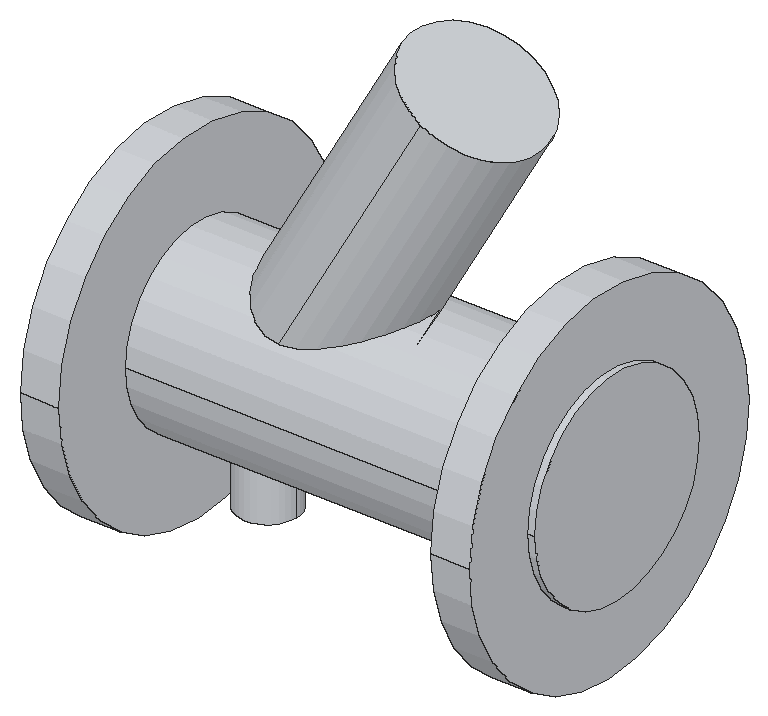
Revit family "HS 821-síto_jemné-PN40-DN040-RFA_2018", category Pipe Accessories, Revit 2018
Family settings
  Round Connector Dimension = Use Diameter
  Part Type = Breaks Into
  Work Plane-Based = No
  Always vertical = Yes
  Cut with Voids When Loaded = No
  Shared = No
Parameters (values of type "821F-DN040-PN40-síto_jemné")
  magiProductId = "b8903f952089408fbf3a5a632bab1f"
  magiProductFamilyId = "79214ac3aaa945e397802f559f5c1e"
  magiPartTypeId = 307
  isMeasuringValve [instance] = no
  ang2D [instance] = 0.00°
  ZB__ve = -ZB  # -24.5 mm
  ZB1 = 35.64 mm
  ZB = 24.5 mm
  X2 = 75.777 mm
  X1 = 28 mm
  W2D = 15 mm
  VersionID = "2.0/2017.9.26.1/ZETKAMA_821_001"
  Use Minimum Symbol Size [instance] = yes
  URL = "www.hydronic.cz"
  Type Comments = "Filtr přírubový; síto jemné; A-PN16 (-10~300°C); D-PN25 (-10~350°C); F-PN40 (-10~400°C)"
  S = 88 mm
  QmdConnectorList = "301;D;302;D"
  Productdata [instance] = ""
  Manufacturer = "Hydronic Systems Prague s.r.o."
  MC Product Code = "250 640 (821F; DN040; PN40; kvs36,6; oko síta 0,63mm)"
  LM1 = 16 mm
  LM = 160 mm
  L4 = 50 mm
  L2D_Min = 3048 mm
  L2D = 130 mm
  L2 = 100 mm
  HH2 = 131.25 mm
  FD = 150 mm
  Description = "Filtr přírubový; síto jemné; 821A-PN16; 821D-PN25; 821F-PN40"
  DM1 = 60 mm
  DM = 79.2 mm
  D = 40 mm
  CC = 3.4 mm
  CAT0 = yes
  C1 = 16.6 mm
  C = 20 mm
  BD = 24.948 mm
Types (40, lengths in mm): name | magiProductId | ZB__ve | ZB1 | ZB | X2 | X1 | S | MC Product Code | LM1 | LM | L4 | L2 | HH2 | FD | DM1 | DM | D | CC | C1 | C | BD
  821A-DN015-PN16-síto_jemné | "a71bcfe8b393460598b23e8ddf7dc5" | -16.25 | 18.63 | 16.25 | 46.982 | 18.2 | 46 | "210 115 (821A; DN015; PN16; kvs6,2; oko síta 0,63mm)" | 10.4 | 104 | 32.5 | 65 | 81.375 | 95 | 27.6 | 41.4 | 15 | 2.21 | 10.79 | 13 | 13.041
  821A-DN020-PN16-síto_jemné | "41cd6c7a12924f4991217528336076" | -17.75 | 22.68 | 17.75 | 51.673 | 21 | 56 | "210 120 (821A; DN020; PN16; kvs9,6; oko síta 0,63mm)" | 12 | 120 | 37.5 | 75 | 89.5 | 105 | 33.6 | 50.4 | 20 | 2.55 | 12.45 | 15 | 15.876
  821A-DN025-PN16-síto_jemné | "be378b463ed14c3abf4c9b3ae8cf3a" | -19.25 | 26.325 | 19.25 | 58.601 | 22.4 | 65 | "210 125 (821A; DN025; PN16; kvs14,2; oko síta 0,63mm)" | 12.8 | 128 | 40 | 80 | 101.5 | 115 | 43.2 | 58.5 | 25 | 2.72 | 13.28 | 16 | 18.427
  821A-DN032-PN16-síto_jemné | "227a0d18b21540afabe8b6067d35fa" | -23 | 30.78 | 23 | 68.849 | 25.2 | 76 | "210 132 (821A; DN032; PN16; kvs23,1; oko síta 0,63mm)" | 14.4 | 144 | 45 | 90 | 119.25 | 140 | 50.4 | 68.4 | 32 | 3.06 | 14.94 | 18 | 21.546
  821A-DN040-PN16-síto_jemné | "d106917c74724141a10440112d0102" | -24.5 | 34.02 | 24.5 | 75.777 | 28 | 84 | "210 140 (821A; DN040; PN16; kvs36,6; oko síta 0,63mm)" | 16 | 160 | 50 | 100 | 131.25 | 150 | 60 | 75.6 | 40 | 3.4 | 16.6 | 20 | 23.814
  821A-DN050-PN16-síto_jemné | "8255d456a09e4f6486734f5dd9171b" | -26.75 | 40.095 | 26.75 | 79.061 | 32.2 | 99 | "210 150 (821A; DN050 PN16; kvs53,7; oko síta 0,63mm)" | 18.4 | 184 | 57.5 | 115 | 136.938 | 165 | 73.8 | 89.1 | 50 | 3.91 | 19.09 | 23 | 28.066
  821A-DN065-PN16-síto_jemné | "235b1b3e4c0843779a4d5e3716d40a" | -29.75 | 47.79 | 29.75 | 86.927 | 40.6 | 118 | "210 165 (821A; DN065; PN16; kvs95,1; oko síta 0,63mm)" | 23.2 | 232 | 72.5 | 145 | 150.562 | 185 | 94.2 | 106.2 | 65 | 4.93 | 24.07 | 29 | 33.453
  821A-DN080-PN16-síto_jemné | "a067f7c5236348ed8c820d16df7214" | -32 | 53.46 | 32 | 104.753 | 43.4 | 132 | "210 180 (821A; DN080; PN16; kvs137,1; oko síta 0,63mm)" | 24.8 | 248 | 77.5 | 155 | 181.438 | 200 | 107.4 | 118.8 | 80 | 5.27 | 25.73 | 31 | 37.422
  821A-DN100-PN16-síto_jemné | "c49a648c2747461285837d643703cd" | -35 | 63.18 | 35 | 114.857 | 49 | 156 | "210 190 (821A; DN100; PN16; kvs206,4; oko síta 0,63mm)" | 28 | 280 | 87.5 | 175 | 198.937 | 220 | 131.4 | 140.4 | 100 | 5.95 | 29.05 | 35 | 44.226
  821A-DN125-PN16-síto_jemné | "bf68e728a163493cbd2a663b26ebdc" | -39.5 | 74.52 | 39.5 | 131.888 | 56 | 184 | "210 191 (821A; DN125; PN16; kvs268,8; oko síta 0,63mm)" | 32 | 320 | 100 | 200 | 228.438 | 250 | 165 | 165.6 | 125 | 6.8 | 33.2 | 40 | 52.164
  821A-DN150-PN16-síto_jemné | "2de770284b654863ae6bc865769dc5" | -44.75 | 85.455 | 44.75 | 155.885 | 67.2 | 211 | "210 192 (821A; DN150; PN16; kvs401,4; oko síta 0,63mm)" | 38.4 | 384 | 120 | 240 | 270 | 285 | 192 | 189.9 | 150 | 8.16 | 39.84 | 48 | 59.818
  821A-DN200-PN16-síto_jemné | "8e5693371ab64aabb29a7f08c76e15" | -53 | 107.73 | 53 | 188.361 | 84 | 266 | "210 193 (821A; DN200; PN16; kvs706,7; oko síta 0,63mm)" | 48 | 480 | 150 | 300 | 326.25 | 340 | 252 | 239.4 | 200 | 10.2 | 49.8 | 60 | 75.411
  821A-DN250-PN16-síto_jemné | "05e37ed948c34047acdd4c42556504" | -62.75 | 129.195 | 62.75 | 255.911 | 102.2 | 319 | "210 194 (821A; DN250; PN16; kvs1229,4; oko síta 0,63mm)" | 58.4 | 584 | 182.5 | 365 | 443.25 | 405 | 309.6 | 287.1 | 250 | 12.41 | 60.59 | 73 | 90.436
  821A-DN300-PN16-síto_jemné | "9ad0af747269428da925480d83ce80" | -71 | 149.85 | 71 | 325.914 | 119 | 370 | "210 195 (821A; DN300; PN16; kvs1902,4; oko síta 0,63mm)" | 68 | 680 | 212.5 | 425 | 564.5 | 460 | 369.6 | 333 | 300 | 14.45 | 70.55 | 85 | 104.895
  821A-DN350-PN16-síto_jemné | "eebc71459bb3451bb4355e7951370a" | -80 | 173.745 | 80 | 356.875 | 137.2 | 429 | "200 196 (821A; DN350; PN16; kvs2611,0; oko síta 0,63mm)" | 78.4 | 784 | 245 | 490 | 618.125 | 520 | 438 | 386.1 | 350 | 16.66 | 81.34 | 98 | 121.621
  821A-DN400-PN16-síto_jemné | "d2f677cb196647e385b2590e7d8abe" | -89 | 194.4 | 89 | 392.237 | 154 | 480 | "210 197 (821A; DN400; PN16; kvs3438,4; oko síta 0,63mm)" | 88 | 880 | 275 | 550 | 679.375 | 580 | 498 | 432 | 400 | 18.7 | 91.3 | 110 | 136.08
  821D-DN015-PN25-síto_jemné | "27ddcbf555414f8ca1fde329bf9087" | -16.25 | 18.63 | 16.25 | 46.982 | 18.2 | 46 | "210 215 (821D; DN015; PN25; kvs6,2; oko síta 0,63mm)" | 10.4 | 104 | 32.5 | 65 | 81.375 | 95 | 27.6 | 41.4 | 15 | 2.21 | 10.79 | 13 | 13.041
  821D-DN020-PN25-síto_jemné | "270e0f14012f47189cd0235c18faee" | -17.75 | 22.68 | 17.75 | 51.673 | 21 | 56 | "210 220 (821D; DN020; PN25; kvs9,6; oko síta 0,63mm)" | 12 | 120 | 37.5 | 75 | 89.5 | 105 | 33.6 | 50.4 | 20 | 2.55 | 12.45 | 15 | 15.876
  821D-DN025-PN25-síto_jemné | "b9a7fb4aa36643878c637d8e1ab992" | -19.25 | 26.325 | 19.25 | 58.601 | 22.4 | 65 | "210 225 (821D; DN025; PN25; kvs14,2; oko síta 0,63mm)" | 12.8 | 128 | 40 | 80 | 101.5 | 115 | 43.2 | 58.5 | 25 | 2.72 | 13.28 | 16 | 18.427
  821D-DN032-PN25-síto_jemné | "6be9a55c4e68400f94eec7e804204c" | -23 | 30.78 | 23 | 68.849 | 25.2 | 76 | "210 232 (821D; DN032; PN25; kvs23,1; oko síta 0,63mm)" | 14.4 | 144 | 45 | 90 | 119.25 | 140 | 50.4 | 68.4 | 32 | 3.06 | 14.94 | 18 | 21.546
  821D-DN040-PN25-síto_jemné | "c54511bd7f584ec2984291479612cb" | -24.5 | 34.02 | 24.5 | 75.777 | 28 | 84 | "210 240 (821D; DN040; PN25; kvs36,6; oko síta 0,63mm)" | 16 | 160 | 50 | 100 | 131.25 | 150 | 60 | 75.6 | 40 | 3.4 | 16.6 | 20 | 23.814
  821D-DN050-PN25-síto_jemné | "5483b1f596b04cd39b23a14a22c90e" | -26.75 | 40.095 | 26.75 | 79.061 | 32.2 | 99 | "210 250 (821D; DN050; PN25; kvs53,7; oko síta 0,63mm)" | 18.4 | 184 | 57.5 | 115 | 136.938 | 165 | 73.8 | 89.1 | 50 | 3.91 | 19.09 | 23 | 28.066
  821D-DN065-PN25-síto_jemné | "767b0f8318e94750bc7a9930ed5b30" | -29.75 | 47.79 | 29.75 | 86.927 | 40.6 | 118 | "210 265 (821D; DN065; PN25; kvs95,1; oko síta 0,63mm)" | 23.2 | 232 | 72.5 | 145 | 150.562 | 185 | 94.2 | 106.2 | 65 | 4.93 | 24.07 | 29 | 33.453
  821D-DN080-PN25-síto_jemné | "e21040fa3cc2404b858198f6b73709" | -32 | 53.46 | 32 | 104.753 | 43.4 | 132 | "210 280 (821D; DN080; PN25; kvs137,1; oko síta 0,63mm)" | 24.8 | 248 | 77.5 | 155 | 181.438 | 200 | 107.4 | 118.8 | 80 | 5.27 | 25.73 | 31 | 37.422
  821D-DN100-PN25-síto_jemné | "175ca87a506b40b3bc6b82f12f33cf" | -37.25 | 63.18 | 37.25 | 114.857 | 49 | 156 | "210 290 (821D; DN100; PN25; kvs206,4; oko síta 0,63mm)" | 28 | 280 | 87.5 | 175 | 198.937 | 235 | 131.4 | 140.4 | 100 | 5.95 | 29.05 | 35 | 44.226
  821D-DN125-PN25-síto_jemné | "77cc98d60da24855999a22dff726b2" | -42.5 | 74.52 | 42.5 | 131.888 | 56 | 184 | "210 291 (821D; DN125; PN25; kvs268,8; oko síta 0,63mm)" | 32 | 320 | 100 | 200 | 228.438 | 270 | 165 | 165.6 | 125 | 6.8 | 33.2 | 40 | 52.164
  821D-DN150-PN25-síto_jemné | "9cf8acfcd15547d68e83172d3abcbe" | -47 | 85.455 | 47 | 155.885 | 67.2 | 211 | "210 292 (821D; DN150; PN25; kvs401,4; oko síta 0,63mm)" | 38.4 | 384 | 120 | 240 | 270 | 300 | 192 | 189.9 | 150 | 8.16 | 39.84 | 48 | 59.818
  821D-DN200-PN25-síto_jemné | "16973f3c9ea14389ba8602495a6b64" | -56 | 110.97 | 56 | 188.361 | 84 | 274 | "210 293 (821D; DN200; PN25; kvs706,7; oko síta 0,63mm)" | 48 | 480 | 150 | 300 | 326.25 | 360 | 252 | 246.6 | 200 | 10.2 | 49.8 | 60 | 77.679
  821F-DN015-PN40-síto_jemné | "4c7eaf3c4c0340888b3e684d8a8616" | -16.25 | 18.225 | 16.25 | 46.982 | 18.2 | 45 | "250 615 (821F; DN015; PN40; kvs6,2; oko síta 0,63mm)" | 10.4 | 104 | 32.5 | 65 | 81.375 | 95 | 27.6 | 40.5 | 15 | 2.21 | 10.79 | 13 | 12.757
  821F-DN020-PN40-síto_jemné | "aaac5f1ec96b44d6ba96ac2293d66d" | -17.75 | 23.49 | 17.75 | 51.673 | 21 | 58 | "250 620 (821F; DN020; PN40; kvs9,6; oko síta 0,63mm)" | 12 | 120 | 37.5 | 75 | 89.5 | 105 | 33.6 | 52.2 | 20 | 2.55 | 12.45 | 15 | 16.443
  821F-DN025-PN40-síto_jemné | "504768023968471481789485b54c7e" | -19.25 | 27.54 | 19.25 | 58.601 | 22.4 | 68 | "250 625 (821F; DN025; PN40; kvs14,2; oko síta 0,63mm)" | 12.8 | 128 | 40 | 80 | 101.5 | 115 | 43.2 | 61.2 | 25 | 2.72 | 13.28 | 16 | 19.278
  821F-DN032-PN40-síto_jemné | "165e7f39cf744f329bdf1c400dad12" | -23 | 31.59 | 23 | 68.849 | 25.2 | 78 | "250 632 (821F; DN032; PN40; kvs23,1; oko síta 0,63mm)" | 14.4 | 144 | 45 | 90 | 119.25 | 140 | 50.4 | 70.2 | 32 | 3.06 | 14.94 | 18 | 22.113
  821F-DN040-PN40-síto_jemné | "b8903f952089408fbf3a5a632bab1f" | -24.5 | 35.64 | 24.5 | 75.777 | 28 | 88 | "250 640 (821F; DN040; PN40; kvs36,6; oko síta 0,63mm)" | 16 | 160 | 50 | 100 | 131.25 | 150 | 60 | 79.2 | 40 | 3.4 | 16.6 | 20 | 24.948
  821F-DN050-PN40-síto_jemné | "c451f97266fe48da8f879cb6a2bd44" | -26.75 | 41.31 | 26.75 | 79.061 | 32.2 | 102 | "250 650 (821F; DN050; PN40; kvs53,7; oko síta 0,63mm)" | 18.4 | 184 | 57.5 | 115 | 136.938 | 165 | 73.8 | 91.8 | 50 | 3.91 | 19.09 | 23 | 28.917
  821F-DN065-PN40-síto_jemné | "dc9821e3f9b34e128f6a8c6b34c198" | -29.75 | 49.41 | 29.75 | 86.927 | 40.6 | 122 | "250 665 (821F; DN065; PN40; kvs95,1; oko síta 0,63mm)" | 23.2 | 232 | 72.5 | 145 | 150.562 | 185 | 94.2 | 109.8 | 65 | 4.93 | 24.07 | 29 | 34.587
  821F-DN080-PN40-síto_jemné | "689aa1e260f84cf4994f027a1d86b5" | -32 | 55.89 | 32 | 104.753 | 43.4 | 138 | "250 680 (821F; DN080; PN40; kvs137,1; oko síta 0,63mm)" | 24.8 | 248 | 77.5 | 155 | 181.438 | 200 | 107.4 | 124.2 | 80 | 5.27 | 25.73 | 31 | 39.123
  821F-DN100-PN40-síto_jemné | "8a45d4e8e2ab425f8c432f21d684f3" | -37.25 | 65.61 | 37.25 | 114.857 | 49 | 162 | "250 690 (821F; DN100; PN40; kvs206,4; oko síta 0,63mm)" | 28 | 280 | 87.5 | 175 | 198.937 | 235 | 131.4 | 145.8 | 100 | 5.95 | 29.05 | 35 | 45.927
  821F-DN125-PN40-síto_jemné | "cf073904c006406b8645afa67ea2fc" | -42.5 | 76.14 | 42.5 | 131.888 | 56 | 188 | "250 691 (821F; DN125; PN40; kvs268,8; oko síta 0,63mm)" | 32 | 320 | 100 | 200 | 228.438 | 270 | 165 | 169.2 | 125 | 6.8 | 33.2 | 40 | 53.298
  821F-DN150-PN40-síto_jemné | "0153b9ddabe14992a630484929fdbc" | -47 | 88.29 | 47 | 155.885 | 67.2 | 218 | "250 692 (821F; DN150; PN40; kvs401,4; oko síta 0,63mm)" | 38.4 | 384 | 120 | 240 | 270 | 300 | 192 | 196.2 | 150 | 8.16 | 39.84 | 48 | 61.803
  821F-DN200-PN40-síto_jemné | "7fb3fc01dd8d42428c203e3f8dd4d5" | -56 | 115.425 | 56 | 188.361 | 84 | 285 | "250 693 (821F; DN200; PN40; kvs706,7; oko síta 0,63mm)" | 48 | 480 | 150 | 300 | 326.25 | 360 | 252 | 256.5 | 200 | 10.2 | 49.8 | 60 | 80.797
Reference planes
  plane 1 "Center (Front/Back)": y = 0
  plane 2 "XYPLANE": z = 0
  plane 3 "Center (Left/Right)": x = 0
  plane 4 "109": x = -64
  plane 5 "108": x = 80
  plane 6 "107": x = -80
  plane 7 "105": x = 100
  plane 8 "104": x = -100
  plane 9 "103": y = 0
  plane 10 "102": z = 0
  plane 11 "101": x = -96.6
  plane 12 "100": x = 96.6
  plane 13 "11": x = -36
  plane 14 "10": z = 131.25
  plane 15 "9": x = 39.777
  plane 16 "5": z = -35.64
  plane 17 "4": x = -50
  plane 18 "1": x = 50
Forms (mm)
  Extrusion 1, solid, visible <- "CAT0"
    sketch origin (-80, -750, 0) x (0, 1, 0) y (0, 0, 1)
      loop
        circle (750, 0) r 39.6
    from 0 to 160 <- "LM"
  Extrusion 2, solid
    sketch origin (-100, -750, 0) x (0, 1, 0) y (0, 0, 1)
      loop
        circle (750, 0) r 44
    from 0 to 3.4 <- "CC"
  Extrusion 3, solid
    sketch origin (-96.6, -750, 0) x (0, 1, 0) y (0, 0, 1)
      loop
        circle (750, 0) r 75
    from 0 to 16.6 <- "C1"
  Extrusion 4, solid
    sketch origin (80, -750, 0) x (0, 1, 0) y (0, 0, 1)
      loop
        circle (750, 0) r 75
    from 0 to 16.6 <- "C1"
  Extrusion 5, solid
    sketch origin (96.6, -750, 0) x (0, 1, 0) y (0, 0, 1)
      loop
        circle (750, 0) r 44
    from 0 to 3.4 <- "CC"
  Sweep 6, solid, visible <- "CAT0"
    path origin (750, 0, 0) x (-1, 0, 0) y (0, 0, 1)
      loop
        line (830, 0) -> (786, 0) -> (710.223, 131.25)
    profile origin (-80, 0, 0) x (0, 0, -1) y (0, 1, 0)
      loop
        circle (0, 0) r 30
  Extrusion 7, solid, visible <- "CAT0"
    sketch origin (-750, 0, -35.64) x (1, 0, 0) y (0, 1, 0)
      loop
        circle (700, 0) r 12.474
    from 0 to -24.5 <- "ZB__ve"
  Extrusion 8, solid, visible <- "CAT0"
    sketch origin (-750, 0, -35.64) x (1, 0, 0) y (0, 1, 0)
      loop
        circle (800, 0) r 12.474
    from 0 to -24.5 <- "ZB__ve"
  Extrusion 9, solid, not visible
    sketch origin (100, -750, 0) x (0, 1, 0) y (0, 0, 1)
      loop
        circle (750, 0) r 10
    from 0 to -10
  Extrusion 10, solid, not visible
    sketch origin (-100, -750, 0) x (0, 1, 0) y (0, 0, 1)
      loop
        circle (750, 0) r 10
    from 0 to 10
Lines and regions (mm)
  reference lines, not visible
    curve 1: circle (2, 2, 0) r 1 normal (0, 0, 1)
Dimensions and locks
  plane 1 "Center (Front/Back)" to curve 1 = 2 mm
  "LM1": plane 6 "107" to plane 4 "109"
  "LM": plane 6 "107" to plane 5 "108"
  "C": plane 8 "104" to plane 6 "107"
  "L2": plane 3 "Center (Left/Right)" to plane 7 "105"
  "L2": plane 3 "Center (Left/Right)" to plane 8 "104"
  locked: plane 1 "Center (Front/Back)" to plane 9 "103"
  locked: plane 2 "XYPLANE" to plane 10 "102"
  "CC": plane 8 "104" to plane 11 "101"
  "C1": plane 5 "108" to plane 12 "100"
  "X1": plane 4 "109" to plane 13 "11"
  "HH2": plane 2 "XYPLANE" to plane 14 "10"
  "X2": plane 13 "11" to plane 15 "9"
  "ZB1": plane 2 "XYPLANE" to plane 16 "5"
  "L4": plane 8 "104" to plane 17 "4"
  "L2": plane 17 "4" to plane 18 "1"
  Sweep 6 sketch curve to Sweep 6 sketch curve = 0 mm  (x2)
  "DM": diameter of Extrusion 1 sketch curve
  "S": diameter of Extrusion 2 sketch curve
  "FD": diameter of Extrusion 3 sketch curve
  "FD": diameter of Extrusion 4 sketch curve
  "S": diameter of Extrusion 5 sketch curve
  "DM1": diameter of Sweep 6 sketch curve
  "BD": diameter of Extrusion 7 sketch curve
  "BD": diameter of Extrusion 8 sketch curve
  aligned and locked: level to plane 2 "XYPLANE"
  aligned and locked: Extrusion 1 sketch curve to plane 9 "103"
  aligned and locked: plane 10 "102" to Extrusion 1 sketch curve
  aligned and locked: Extrusion 2 sketch curve to plane 9 "103"
  aligned and locked: plane 10 "102" to Extrusion 2 sketch curve
  aligned and locked: Extrusion 3 sketch curve to plane 9 "103"
  aligned and locked: plane 10 "102" to Extrusion 3 sketch curve
  aligned and locked: Extrusion 4 sketch curve to plane 9 "103"
  aligned and locked: plane 10 "102" to Extrusion 4 sketch curve
  aligned and locked: Extrusion 5 sketch curve to plane 9 "103"
  aligned and locked: plane 10 "102" to Extrusion 5 sketch curve
  aligned and locked: Sweep 6 sketch curve to plane 9 "103"
  aligned and locked: plane 10 "102" to Sweep 6 sketch curve  (x3)
  aligned and locked: plane 6 "107" to Sweep 6 sketch curve
  aligned and locked: plane 13 "11" to Sweep 6 sketch curve
  aligned and locked: plane 14 "10" to Sweep 6 sketch curve
  aligned and locked: plane 15 "9" to Sweep 6 sketch curve
  aligned and locked: plane 9 "103" to Extrusion 7 sketch curve
  aligned and locked: plane 17 "4" to Extrusion 7 sketch curve
  aligned and locked: plane 9 "103" to Extrusion 8 sketch curve
  aligned and locked: plane 18 "1" to Extrusion 8 sketch curve
  aligned and locked: Extrusion 9 sketch curve to plane 9 "103"
  aligned and locked: plane 10 "102" to Extrusion 9 sketch curve
  aligned and locked: Extrusion 10 sketch curve to plane 9 "103"
  aligned and locked: plane 10 "102" to Extrusion 10 sketch curve
Automatic sketch dimensions
  plane 1 "Center (Front/Back)" to Extrusion 9 sketch curve = 10 mm
  plane 1 "Center (Front/Back)" to Extrusion 10 sketch curve = 10 mm
  plane 3 "Center (Left/Right)" to curve 1 = 2 mm
  radius of curve 1 = 1 mm
Connectors
  piping at (-100, 0, 0), diameter 40, driven by "D"
    settings: on Extrusion 10, index 1, connector inside diameter 609.6 mm, connector length 0 mm, flow factor 0, pipe flow 0.0 L/s, pressure drop 0.0 Pa, fitting loss kfactor 0, connector angle 0.00°, fixture units 0, engagement length 0 mm, angle of deflection 0.00°, flow configuration 0, flow direction 0, fitting loss method 0, system type 29, joint type 0, gender type 0, connector reference index 2, connector utility 0, adjustable connector no, is connector primary yes, connector description ""
  piping at (100, 0, 0), diameter 40, driven by "D"
    settings: on Extrusion 9, index 2, connector inside diameter 609.6 mm, connector length 0 mm, flow factor 0, pipe flow 0.0 L/s, pressure drop 0.0 Pa, fitting loss kfactor 0, connector angle 0.00°, fixture units 0, engagement length 0 mm, angle of deflection 0.00°, flow configuration 0, flow direction 0, fitting loss method 0, system type 29, joint type 0, gender type 0, connector reference index 1, connector utility 0, adjustable connector no, is connector primary no, connector description ""
